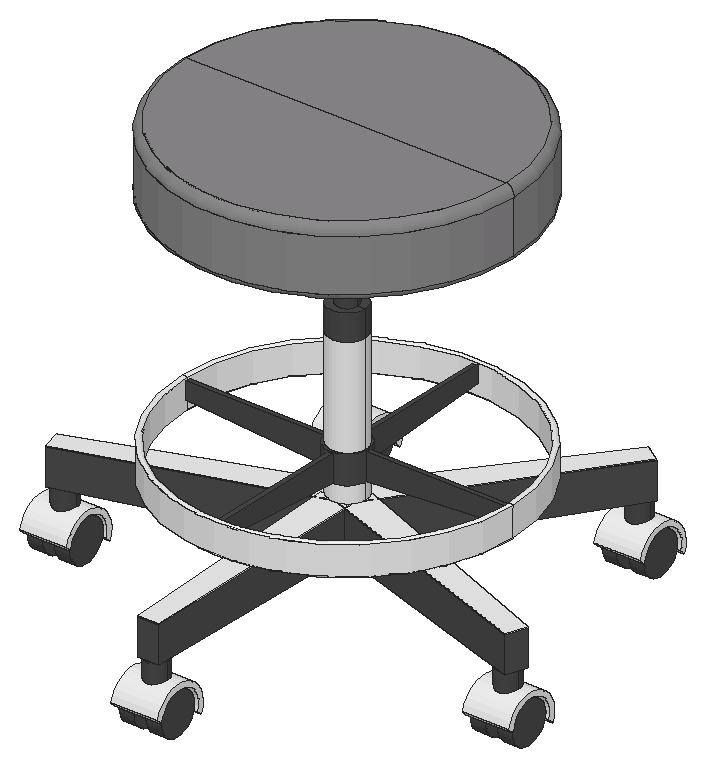
Revit family
Parameters (values of type "Classic Series Stool")
  Upholstery = Upholstery - Midmark - 232 - Shadow
  URL = "http://www.midmark.com"
  Product Page URL = "http://www.midmark.com/en-us/AnimalHealthProducts/Seating/Pages/Midmark274AdjustablePhysicianStool.aspx"
  Product Documentation Link = "http://www.midmark.com/marketing-collateral/007-0558-00.pdf"
  Model = "274"
  Manufacturer = "Midmark"
  Lift Height = Calculated Height - 0' 2"  # 1' - 4"
  Height = 1' - 6"
  Foot Ring Accessory = yes
  Description = "Classic Series Stool"
  Calculated Height = if(Height < 1' 6", 1' 6", if(Height > 2' 0 1/2", 2' 0 1/2", Height))  # 1' - 6"
  Assembly Code = "E2020"
Reference planes (in)
  plane 1 "Center Front/Back": y = 0
  plane 2: z = 0
  plane 3 "Center Left/Right": x = 0
  plane 4: z = 18
  plane 5: z = 5.25
  plane 6: z = 2
  plane 7: x = -12.11968
  plane 8: x = 11.86968
  plane 9: y = 10.87905
  plane 10: y = -12.83061
  plane 11: x = -12.86968
  plane 12: x = 12.61968
  plane 13: y = -13.58061
  plane 14: y = 11.62905
  plane 15: z = 21.5
  plane 16: z = 6
Forms (in)
  Extrusion 1, solid, material "Chair - Midmark Coarse View", detail levels coarse
    sketch origin (0, 0, 0) x (1, 0, 0) y (0, 1, 0)
      loop
        line (-12.86968, 11.62905) -> (-12.86968, -13.58061) -> (12.61968, -13.58061) -> (12.61968, 11.62905) -> (-12.86968, 11.62905)
    from 0 to 21.5
Lines and regions (in)
  Masking region 1, detail levels coarse
    outline origin (0, 0, 0) x (1, 0, 0) y (0, 1, 0)
      loop
        line (-12.86968, 11.62905) -> (-12.86968, -13.58061) -> (12.61968, -13.58061) -> (12.61968, 11.62905) -> (-12.86968, 11.62905)
  Masking region 2, detail levels coarse
    outline origin (0, 0, 0) x (1, 0, 0) y (0, 0, 1)
      loop
        line (-12.86968, 21.5) -> (-12.86968, 0) -> (12.61968, 0) -> (12.61968, 21.5) -> (-12.86968, 21.5)
  Masking region 3, detail levels coarse
    outline origin (0, 0, 0) x (0, 1, 0) y (0, 0, 1)
      loop
        line (11.62905, 21.5) -> (-13.58061, 21.5) -> (-13.58061, 0) -> (11.62905, 0) -> (11.62905, 21.5)
Dimensions and locks (in)
  "Calculated Height": plane 4 to plane 2
  locked: plane 5 to plane 2 at 5.25
  locked: plane 6 to plane 2 at 2
  plane 14 to plane 9 to plane 1 "Center Front/Back" to plane 10 to plane 13 = 0' - 0 3/4" locked, 0' - 10.87905" locked, 1' - 0.83061" locked, 0' - 0 3/4" locked
  plane 11 to plane 7 = 0' - 0 3/4"
  locked: plane 15 to plane 4 at 3.5
  plane 3 "Center Left/Right" to plane 8 to Extrusion 1 = 0' - 11.86968" locked, 0' - 0 3/4" locked
  Extrusion 1 to plane 7 to plane 3 "Center Left/Right" = 0' - 0 3/4" locked, 1' - 0.11968" locked
  locked: plane 16 to plane 2 at 6
  plane 11 to plane 3 "Center Left/Right" to plane 12 = 1' - 0.86968" locked, 1' - 0.61968" locked
  aligned and locked: level to plane 2
  aligned and locked: plane 3 "Center Left/Right" to nested 2
  aligned and locked: plane 3 "Center Left/Right" to nested 1
  aligned and locked: plane 2 to nested 2
  aligned: plane 4 to nested 1
  aligned and locked: plane 1 "Center Front/Back" to nested 2
  aligned and locked: plane 1 "Center Front/Back" to nested 1
  aligned: plane 5 to nested 1
  aligned: nested 1 to plane 6
  aligned and locked: nested 3 to plane 4
  aligned and locked: plane 3 "Center Left/Right" to nested 3
  aligned and locked: plane 1 "Center Front/Back" to nested 3
  aligned and locked: nested 1 to plane 6
  aligned: plane 4 to nested 4
  aligned and locked: plane 3 "Center Left/Right" to nested 4
  aligned and locked: Extrusion 1 to plane 15
  aligned and locked: plane 13 to Extrusion 1 sketch curve
  aligned and locked: Extrusion 1 sketch curve to plane 11
  aligned and locked: plane 14 to Extrusion 1 sketch curve
  aligned and locked: plane 12 to Extrusion 1
  aligned and locked: plane 15 to Extrusion 1
  aligned and locked: Extrusion 1 to plane 2
  aligned and locked: plane 13 to Masking region 1 sketch curve
  aligned and locked: Masking region 1 sketch curve to plane 11
  aligned and locked: plane 14 to Masking region 1 sketch curve
  aligned and locked: Masking region 1 sketch curve to plane 12
  aligned and locked: Masking region 2 sketch curve to plane 11
  aligned and locked: Masking region 2 sketch curve to plane 12
  aligned and locked: Masking region 2 sketch curve to plane 15
  aligned and locked: plane 2 to Masking region 2 sketch curve
  aligned and locked: plane 2 to Masking region 3 sketch curve
  aligned and locked: plane 14 to Masking region 3 sketch curve
  aligned and locked: plane 13 to Masking region 3 sketch curve
  aligned and locked: Masking region 3 sketch curve to plane 15
  aligned and locked: plane 4 to nested 4
  aligned and locked: plane 16 to nested 5
  aligned and locked: nested 5 to plane 16
  aligned and locked: plane 1 "Center Front/Back" to nested 5
  aligned and locked: plane 3 "Center Left/Right" to nested 5
  aligned and locked: plane 1 "Center Front/Back" to nested 4
Automatic sketch dimensions
  Extrusion 1 sketch curve to plane 8 = 0' - 0 3/4"
Nested families (in)
  nested 1: "Hydralic Lift Chrome" at (0, 0, 2), type "Hydralic Lift Chrome"
  nested 2: "Feet Black Aluminum" at (0, 0, 0), type "Feet Black Aluminum"
  nested 3: "Round Cushion" at (0, 0, 18), type "Round Cushion"
  nested 4: "Air Lift No Lever" at (0, 0, 16.5), type "Air Lift No Lever"
  nested 5: "Foot Ring" at (0, 0, 5.94888), type "Foot Ring"
Definition of nested family "Hydralic Lift Chrome"
  Parameters (values of type "Hydralic Lift Chrome")
    Top Lift Material = Chair - Midmark - Chrome
    Height = 1' - 4"
    Bottom Lift Material = Chair - Midmark - Chrome
    Assembly Code = ""
  Reference planes (in)
    plane 1 "Center Front/Back": y = 0
    plane 2: z = 0
    plane 3 "Center Left/Right": x = 0
    plane 4: x = -0.87626
    plane 5: x = 0.87374
    plane 6: z = 16
    plane 7: y = 0.87671
    plane 8: y = -0.87329
    plane 9: z = 0
    plane 10 "Caster Instalation Point": z = 3.25
    plane 11: z = 11.39696
  Forms (in)
    Revolve 1, solid, material "Chair - Midmark - Chrome" <- "Bottom Lift Material"
      sketch origin (-0.00126, 0.00171, -2) x (1, 0, 0) y (0, 0, 1)
        loop
          line (0, 2) -> (0, 12.14696) -> (-0.875, 12.14696) -> (-0.875, 2) -> (0, 2)
        axis (0, 2) -> (0, 12.14696)
      angle from 0 to 360
    Revolve 2, solid, material "Chair - Midmark - Chrome" <- "Top Lift Material"
      sketch origin (-0.00126, 0.00171, -2) x (1, 0, 0) y (0, 0, 1)
        loop
          line (-0.875, 12.14696) -> (0, 12.14696) -> (0, 18) -> (-0.5, 18) -> (-0.5, 13.39696) -> (-0.875, 13.39696) -> (-0.875, 12.14696)
        axis (0, 18) -> (0, 12.14696)
      angle from 0 to 360
  Lines and regions (in)
    Masking region 1, detail levels medium+fine
      outline origin (0, 0, 0) x (1, 0, 0) y (0, 0, 1)
        loop
          line (-0.87626, 0) -> (0.87374, 0) -> (0.87374, 11.39696) -> (0.49874, 11.39696) -> (0.49874, 16) -> (-0.50126, 16) -> (-0.50126, 11.39696) -> (-0.87626, 11.39696) -> (-0.87626, 0)
    Masking region 2, detail levels coarse
      outline origin (0, 0, 0) x (1, 0, 0) y (0, 0, 1)
        loop
          line (0.87374, 16) -> (-0.87626, 16) -> (-0.87626, 0) -> (0.87374, 0) -> (0.87374, 16)
    Masking region 3, detail levels coarse
      outline origin (0, 0, 0) x (0, 1, 0) y (0, 0, 1)
        loop
          line (0.87671, 0) -> (0.87671, 16) -> (-0.87329, 16) -> (-0.87329, 0) -> (0.87671, 0)
    Masking region 4, detail levels medium+fine
      outline origin (0, 0, 0) x (0, 1, 0) y (0, 0, 1)
        loop
          line (0.87671, 0) -> (0.87671, 11.39696) -> (0.50171, 11.39696) -> (0.50171, 16) -> (-0.49829, 16) -> (-0.49829, 11.39696) -> (-0.87329, 11.39696) -> (-0.87329, 0) -> (0.87671, 0)
    Masking region 5, detail levels coarse
      outline origin (0, 0, 0) x (1, 0, 0) y (0, 1, 0)
        loop
          line (0.87374, 0.87671) -> (-0.87626, 0.87671) -> (-0.87626, -0.87329) -> (0.87374, -0.87329) -> (0.87374, 0.87671)
    Masking region 6, detail levels medium+fine
      outline origin (0, 0, 0) x (1, 0, 0) y (0, 1, 0)
        loop
          circle (0, 0) r 0.87625
    symbolic lines, detail levels fine
      curve 1: line (0, 0.87671, 10.14696) -> (0, -0.87329, 10.14696)
      curve 2: line (-0.87626, 0, 10.14696) -> (0.87374, 0, 10.14696)
      curve 3: line (-0.50126, 0, 11.39696) -> (0.49874, 0, 11.39696)
      curve 4: line (0, 0.50171, 11.39696) -> (0, -0.49829, 11.39696)
      curve 5: circle (0, 0, 0) r 0.5 normal (0, 0, 1)
  Dimensions and locks (in)
    "Height": plane 6 to plane 9
    locked: plane 10 "Caster Instalation Point" to plane 9 at 3.25
    locked: plane 11 to plane 10 "Caster Instalation Point" at 8.14696
    aligned and locked: level to plane 2
    aligned and locked: plane 9 to level
    aligned and locked: Revolve 2 to plane 11  (x2)
  Automatic sketch dimensions
    plane 1 "Center Front/Back" to curve 5 = 0' - 0"
    curve 5 to plane 3 "Center Left/Right" = 0' - 0"
    plane 4 to curve 2 = 0' - 0"
    plane 5 to curve 2 = 0' - 0"
    curve 3 to plane 4 = 0' - 0 3/8"
    plane 5 to curve 3 = 0' - 0 3/8"
    plane 10 "Caster Instalation Point" to curve 2 = 0' - 6.89696"
    curve 2 to curve 3 = 0' - 1 1/4"
    curve 1 to plane 8 = 0' - 0"
    curve 1 to plane 7 = 0' - 0"
    plane 8 to curve 4 = 0' - 0 3/8"
    curve 4 to plane 7 = 0' - 0 3/8"
    plane 10 "Caster Instalation Point" to curve 1 = 0' - 6.89696"
    curve 1 to curve 4 = 0' - 1 1/4"
    Revolve 1 sketch curve to level = 0' - 0"  (x2)
    plane 4 to Revolve 1 sketch curve = 0' - 0"
    Revolve 1 sketch curve to plane 3 "Center Left/Right" = 0' - 0.00126"
    Revolve 1 sketch curve to Revolve 1 sketch curve = 0' - 0"
    plane 10 "Caster Instalation Point" to Revolve 1 sketch curve = 0' - 6 3/4"
    Revolve 1 sketch curve to Revolve 1 sketch curve = 0' - 0.14696"
    plane 4 to Revolve 2 sketch curve = 0' - 0"
    Revolve 2 sketch curve to plane 6 = 0' - 0"  (x2)
    Revolve 2 sketch curve to plane 4 = 0' - 0 3/8"
    Revolve 2 sketch curve to plane 3 "Center Left/Right" = 0' - 0.00126"
    Revolve 2 sketch curve to Revolve 2 sketch curve = 0' - 0"
    plane 10 "Caster Instalation Point" to Revolve 2 sketch curve = 0' - 8.14696"
    Revolve 2 sketch curve to Revolve 2 sketch curve = 0' - 1 1/4"
    Revolve 2 sketch curve to Revolve 2 sketch curve = 0' - 0.89696"
    Masking region 1 sketch curve to level = 0' - 0"
    plane 4 to Masking region 1 sketch curve = 0' - 0"
    Masking region 1 sketch curve to plane 6 = 0' - 0"
    plane 5 to Masking region 1 sketch curve = 0' - 0"
    Masking region 1 sketch curve to plane 4 = 0' - 0 3/8"
    plane 5 to Masking region 1 sketch curve = 0' - 0 3/8"
    plane 10 "Caster Instalation Point" to Masking region 1 sketch curve = 0' - 8.14696"
    Masking region 1 sketch curve to Masking region 1 sketch curve = 0' - 0"
    plane 4 to Masking region 2 sketch curve = 0' - 0"
    Masking region 2 sketch curve to level = 0' - 0"
    plane 5 to Masking region 2 sketch curve = 0' - 0"
    Masking region 2 sketch curve to plane 6 = 0' - 0"
    Masking region 3 sketch curve to plane 6 = 0' - 0"
    Masking region 3 sketch curve to plane 8 = 0' - 0"
    Masking region 3 sketch curve to plane 7 = 0' - 0"
    Masking region 3 sketch curve to level = 0' - 0"
    Masking region 4 sketch curve to level = 0' - 0"
    Masking region 4 sketch curve to plane 8 = 0' - 0"
    Masking region 4 sketch curve to plane 6 = 0' - 0"
    Masking region 4 sketch curve to plane 7 = 0' - 0"
    plane 8 to Masking region 4 sketch curve = 0' - 0 3/8"
    Masking region 4 sketch curve to plane 7 = 0' - 0 3/8"
    plane 10 "Caster Instalation Point" to Masking region 4 sketch curve = 0' - 8.14696"
    Masking region 4 sketch curve to Masking region 4 sketch curve = 0' - 0"
    Masking region 5 sketch curve to plane 4 = 0' - 0"
    Masking region 5 sketch curve to plane 5 = 0' - 0"
    Masking region 5 sketch curve to plane 8 = 0' - 0"
    Masking region 5 sketch curve to plane 7 = 0' - 0"
    plane 1 "Center Front/Back" to Masking region 6 sketch curve = 0' - 0"
    Masking region 6 sketch curve to plane 3 "Center Left/Right" = 0' - 0"
    radius of curve 5 = 0' - 0 1/2"
    radius of Masking region 6 sketch curve = 0' - 0.87625"
Definition of nested family "Feet Black Aluminum"
  Parameters (values of type "Feet Black Aluminum")
    Feet Material = Chair - Midmark - Black Aluminum
    Assembly Code = ""
  Reference planes (in)
    plane 1 "Center Front/Back": y = 0
    plane 2: z = 0
    plane 3 "Center Left/Right": x = 0
    plane 4: z = 3.14669
    plane 5: x = -12.11968
    plane 6: x = 11.86968
    plane 7: z = 5.14669
    plane 8: y = 10.87905
    plane 9: y = -12.83061
    plane 10: z = 0
    plane 11 "Left": x = -12.6741
    plane 12 "Front": y = -13.53243
    plane 13 "Back": y = 11.53243
    plane 14 "Right": x = 12.4241
  Forms (in)
    Blend 1, solid, material "Chair - Midmark - Black Aluminum" <- "Feet Material"
      base sketch origin (-0.02, 0.01151, 2.71936) x (0.999996, 0.002747, 0) y (0, 0, 1)
        loop
          line (0.71241, 2.42733) -> (-0.78759, 2.42733) -> (-0.78759, 0.42733) -> (0.71241, 0.42733) -> (0.71241, 2.42733)
      top sketch origin (-0.02, 0.01151, 2.71936) x (0.999996, 0.002747, 0) y (0, 0, 1)
        loop
          line (-0.50634, 0.42733) -> (0.49366, 0.42733) -> (0.49366, 2.17733) -> (-0.50634, 2.17733) -> (-0.50634, 0.42733)
      from 0 to 12
    Blend 2, solid, material "Chair - Midmark - Black Aluminum" <- "Feet Material"
      base sketch origin (0.00505, 0.01375, 2.71936) x (0.331216, 0.943555, 0) y (0, 0, 1)
        loop
          line (0.71241, 2.42733) -> (-0.78759, 2.42733) -> (-0.78759, 0.42733) -> (0.71241, 0.42733) -> (0.71241, 2.42733)
      top sketch origin (0.00505, 0.01375, 2.71936) x (0.331216, 0.943555, 0) y (0, 0, 1)
        loop
          line (-0.50634, 0.42733) -> (0.49366, 0.42733) -> (0.49366, 2.17733) -> (-0.50634, 2.17733) -> (-0.50634, 0.42733)
      from 0 to 12
    Blend 3, solid, material "Chair - Midmark - Black Aluminum" <- "Feet Material"
      base sketch origin (-0.00087, -0.04805, 2.71936) x (0.286648, -0.958036, 0) y (0, 0, 1)
        loop
          line (0.71241, 2.42733) -> (-0.78759, 2.42733) -> (-0.78759, 0.42733) -> (0.71241, 0.42733) -> (0.71241, 2.42733)
      top sketch origin (-0.00087, -0.04805, 2.71936) x (0.286648, -0.958036, 0) y (0, 0, 1)
        loop
          line (-0.50634, 0.42733) -> (0.49366, 0.42733) -> (0.49366, 2.17733) -> (-0.50634, 2.17733) -> (-0.50634, 0.42733)
      from 0 to 12
    Blend 4, solid, material "Chair - Midmark - Black Aluminum" <- "Feet Material"
      base sketch origin (0.03408, -0.0149, 2.71936) x (0.822567, -0.568668, 0) y (0, 0, -1)
        loop
          line (0.71241, -2.42733) -> (0.71241, -0.42733) -> (-0.78759, -0.42733) -> (-0.78759, -2.42733) -> (0.71241, -2.42733)
      top sketch origin (0.03408, -0.0149, 2.71936) x (0.822567, -0.568668, 0) y (0, 0, -1)
        loop
          line (-0.50634, -0.42733) -> (-0.50634, -2.17733) -> (0.49366, -2.17733) -> (0.49366, -0.42733) -> (-0.50634, -0.42733)
      from 0 to 12
    Blend 5, solid, material "Chair - Midmark - Black Aluminum" <- "Feet Material"
      base sketch origin (0.02615, 0.03051, 2.71936) x (0.795022, 0.60658, 0) y (0, 0, -1)
        loop
          line (0.71241, -2.42733) -> (0.71241, -0.42733) -> (-0.78759, -0.42733) -> (-0.78759, -2.42733) -> (0.71241, -2.42733)
      top sketch origin (0.02615, 0.03051, 2.71936) x (0.795022, 0.60658, 0) y (0, 0, -1)
        loop
          line (-0.50634, -0.42733) -> (-0.50634, -2.17733) -> (0.49366, -2.17733) -> (0.49366, -0.42733) -> (-0.50634, -0.42733)
      from 0 to 12
    Blend 6, solid, material "Chair - Midmark - Chrome"
      base sketch origin (0.00983, -12, 0) x (-1, 0, 0) y (0, 0, 1)
        loop
          line (-0.49337, 4.89669) -> (0.50662, 4.89669) -> (0.50662, 4.93106) -> (-0.49337, 4.93106) -> (-0.49337, 4.89669)
      top sketch origin (0.00983, -12, 0) x (-1, 0, 0) y (0, 0, 1)
        loop
          line (-0.68649, 5.14669) -> (0.8135, 5.14669) -> (0.8135, 5.17856) -> (-0.68649, 5.17856) -> (-0.68649, 5.14669)
      from 0 to 11.38652
    Blend 7, solid, material "Chair - Midmark - Chrome"
      base sketch origin (-11.48467, -3.49301, 0) x (-0.284015, 0.95882, 0) y (0, 0, 1)
        loop
          line (-0.49337, 4.89669) -> (0.50662, 4.89669) -> (0.50662, 4.93106) -> (-0.49337, 4.93106) -> (-0.49337, 4.89669)
      top sketch origin (-11.48467, -3.49301, 0) x (-0.284015, 0.95882, 0) y (0, 0, 1)
        loop
          line (-0.68649, 5.14669) -> (0.8135, 5.14669) -> (0.8135, 5.17856) -> (-0.68649, 5.17856) -> (-0.68649, 5.14669)
      from 0 to 11.49746
    Blend 8, solid, material "Chair - Midmark - Chrome"
      base sketch origin (11.32628, -3.97406, 0) x (0.325568, 0.945519, 0) y (0, 0, -1)
        loop
          line (-0.49337, -4.89669) -> (-0.49337, -4.93106) -> (0.50662, -4.93106) -> (0.50662, -4.89669) -> (-0.49337, -4.89669)
      top sketch origin (11.32628, -3.97406, 0) x (0.325568, 0.945519, 0) y (0, 0, -1)
        loop
          line (-0.68649, -5.14669) -> (-0.68649, -5.17856) -> (0.8135, -5.17856) -> (0.8135, -5.14669) -> (-0.68649, -5.14669)
      from 0 to 11.3919
    Blend 9, solid, material "Chair - Midmark - Chrome"
      base sketch origin (6.79331, 9.86129, 0) x (0.82314, -0.567839, 0) y (0, 0, 1)
        loop
          line (-0.49337, 4.89669) -> (0.50662, 4.89669) -> (0.50662, 4.93106) -> (-0.49337, 4.93106) -> (-0.49337, 4.89669)
      top sketch origin (6.79331, 9.86129, 0) x (0.82314, -0.567839, 0) y (0, 0, 1)
        loop
          line (-0.68649, 5.14669) -> (0.8135, 5.14669) -> (0.8135, 5.17856) -> (-0.68649, 5.17856) -> (-0.68649, 5.14669)
      from 0 to 11.57161
    Blend 10, solid, material "Chair - Midmark - Chrome"
      base sketch origin (-7.26129, 9.5605, 0) x (0.798726, 0.601694, 0) y (0, 0, 1)
        loop
          line (-0.49337, 4.89669) -> (0.50662, 4.89669) -> (0.50662, 4.93106) -> (-0.49337, 4.93106) -> (-0.49337, 4.89669)
      top sketch origin (-7.26129, 9.5605, 0) x (0.798726, 0.601694, 0) y (0, 0, 1)
        loop
          line (-0.68649, 5.14669) -> (0.8135, 5.14669) -> (0.8135, 5.17856) -> (-0.68649, 5.17856) -> (-0.68649, 5.14669)
      from 0 to 11.57804
  Lines and regions (in)
    Masking region 1, detail levels coarse
      outline origin (0, -13.53243, 0) x (-1, 0, 0) y (0, 0, 1)
        loop
          line (12.11968, 5.20165) -> (-11.86968, 5.20165) -> (-11.86968, 0) -> (12.11968, 0) -> (12.11968, 5.20165)
    Masking region 2, detail levels coarse
      outline origin (-12.6741, 0, 0) x (0, 1, 0) y (0, 0, 1)
        loop
          line (10.87905, 5.18859) -> (-12.83061, 5.18859) -> (-12.83061, 0) -> (10.87905, 0) -> (10.87905, 5.18859)
    Masking region 3, detail levels coarse
      outline origin (0, 0, 0) x (1, 0, 0) y (0, 1, 0)
        loop
          line (-12.11968, 10.87905) -> (-12.11968, -12.83061) -> (11.86968, -12.83061) -> (11.86968, 10.87905) -> (-12.11968, 10.87905)
    Masking region 4, detail levels medium+fine
      outline origin (0, 0, 0) x (1, 0, 0) y (0, 0, 1)
        loop
          line (-11.29362, 0) -> (-11.29362, 0.4641) -> (-10.70638, 0.4641) -> (-10.70638, 0) -> (-9.98951, 0) -> (-9.98951, 0.4641) -> (-9.88032, 0.4641) -> (-9.88032, 2.35385) -> (-10.44, 2.35385) -> (-10.44, 3.14669) -> (-7.55329, 3.14669) -> (-7.55329, 2.35385) -> (-8.11968, 2.35385) -> (-8.11968, 0.4641) -> (-8.01049, 0.4641) -> (-8.01049, 0) -> (-7.29362, 0) -> (-7.29362, 0.4641) -> (-6.70638, 0.4641) -> (-6.70638, 0) -> (-5.98951, 0) -> (-5.98951, 0.4641) -> (-5.88032, 0.4641) -> (-5.88032, 2.35385) -> (-6.44, 2.35385) -> (-6.44, 3.14669) -> (-0.55329, 3.14669) -> (-0.55329, 2.35385) -> (-1.11968, 2.35385) -> (-1.11968, 0.4641) -> (-1.01049, 0.4641) -> (-1.01049, 0) -> (-0.29362, 0) -> (-0.29362, 0.4641) -> (0.29362, 0.4641) -> (0.29362, 0) -> (1.01049, 0) -> (1.01049, 0.4641) -> (1.11968, 0.4641) -> (1.11968, 2.35385) -> (0.56, 2.35385) -> (0.56, 3.14669) -> (5.93762, 3.14669) -> (5.93762, 2.35385) -> (5.38032, 2.35385) -> (5.38032, 0.4641) -> (5.48951, 0.4641) -> (5.48951, 0) -> (6.20638, 0) -> (6.20638, 0.4641) -> (6.79362, 0.4641) -> (6.79362, 0) -> (7.51049, 0) -> (7.51049, 0.4641) -> (7.61968, 0.4641) -> (7.61968, 2.35385) -> (7.06, 2.35385) -> (7.06, 3.14669) -> (10.19671, 3.14669) -> (10.19671, 2.35385) -> (9.63032, 2.35385) -> (9.63032, 0.4641) -> (9.73951, 0.4641) -> (9.73951, 0) -> (10.45638, 0) -> (10.45638, 0.4641) -> (11.04362, 0.4641) -> (11.04362, 0) -> (11.76049, 0) -> (11.76049, 0.4641) -> (11.86968, 0.4641) -> (11.86968, 2.35385) -> (11.31, 2.35385) -> (11.31, 3.14669) -> (11.49121, 3.14669) -> (11.49121, 4.89669) -> (0.68577, 5.13681) -> (-0.76806, 5.13681) -> (-11.64244, 4.89669) -> (-11.64244, 3.14669) -> (-11.55329, 3.14669) -> (-11.55329, 2.35385) -> (-12.11968, 2.35385) -> (-12.11968, 0.4641) -> (-12.01049, 0.4641) -> (-12.01049, 0) -> (-11.29362, 0)
    Masking region 5, detail levels medium+fine
      outline origin (0, 0, 0) x (0, 1, 0) y (0, 0, 1)
        loop
          arc (10.78122, 0.4641) -> (10.77146, 1.50846) -> (10.03266, 2.24667) r 1.37951
          line (10.03266, 2.24667) -> (10.03266, 3.14669) -> (10.14385, 3.14669) -> (10.14839, 4.87753) -> (-0.00333, 5.13888) -> (-12.08812, 4.88709) -> (-12.08812, 2.21814)
          arc (-12.08812, 2.21814) -> (-12.56152, 1.84498) -> (-12.83061, 1.30559) r 1.37951
          line (-12.83061, 1.30559) -> (-12.4904, 0.96538)
          arc (-12.4904, 0.96538) -> (-11.58868, 0.00478) -> (-10.5174, 0.77172) r 1
          line (-10.5174, 0.77172) -> (-10.20978, 0.4641)
          arc (-10.20978, 0.4641) -> (-10.22081, 1.51145) -> (-10.96434, 2.24917) r 1.37951
          line (-10.96434, 2.24917) -> (-10.96434, 3.14669) -> (-4.33492, 3.14669) -> (-4.33492, 2.22392)
          arc (-4.33492, 2.22392) -> (-4.81625, 1.85021) -> (-5.08961, 1.30559) r 1.37951
          line (-5.08961, 1.30559) -> (-4.74804, 0.96402)
          arc (-4.74804, 0.96402) -> (-4.35165, 0.20158) -> (-3.50881, 0.03407) r 0.99276
          arc (-3.50881, 0.03407) -> (-2.73642, 0.14196) -> (-2.2764, 0.77172) r 1
          line (-2.2764, 0.77172) -> (-1.96878, 0.4641)
          arc (-1.96878, 0.4641) -> (-1.97757, 1.50613) -> (-2.71269, 2.24471) r 1.37951
          line (-2.71269, 2.24471) -> (-2.71269, 3.14669) -> (8.6558, 3.14669) -> (8.6558, 2.21954)
          arc (8.6558, 2.21954) -> (8.1805, 1.84624) -> (7.91039, 1.30559) r 1.37951
          line (7.91039, 1.30559) -> (8.25, 1)
          arc (8.25, 1) -> (8.63833, 0.20254) -> (9.50189, 0) r 1.03326
          arc (9.50189, 0) -> (10.04186, 0.15959) -> (10.40777, 0.58755) r 0.99117
          line (10.40777, 0.58755) -> (10.53122, 0.4641)
          arc (10.53122, 0.4641) -> (10.55798, 0.56372) -> (10.58105, 0.66427) r 2.79724
          line (10.58105, 0.66427) -> (10.78122, 0.4641)
    Masking region 6, detail levels medium+fine
      outline origin (0, 0, 0) x (1, 0, 0) y (0, 1, 0)
        loop
          line (1.11968, -12.83061) -> (1.11968, -10.11952) -> (0.56, -10.11952) -> (0.67622, -1.03222) -> (9.63032, -3.94159) -> (9.63032, -5.08961) -> (11.86968, -5.08961) -> (11.88032, -2.38179) -> (9.63032, -2.38179) -> (9.64126, -2.80754) -> (1.13452, 0.35388) -> (6.32371, 8.16039) -> (7.61968, 8.16039) -> (7.61968, 10.86821) -> (5.38032, 10.86821) -> (5.38887, 8.73511) -> (-0.01517, 1.22973) -> (-5.86968, 8.61974) -> (-5.86968, 10.62905) -> (-8.11968, 10.62905) -> (-8.11968, 7.91039) -> (-6.67216, 7.91039) -> (-1.20683, 0.388) -> (-9.88032, -2.43019) -> (-9.88032, -1.87095) -> (-12.11968, -1.87095) -> (-12.11968, -4.58961) -> (-9.88032, -4.58961) -> (-9.88032, -3.54845) -> (-0.78101, -1.00564) -> (-0.54255, -10.11195) -> (-1.11968, -10.11195) -> (-1.11968, -12.83061) -> (1.11968, -12.83061)
    symbolic lines, detail levels fine
      curve 1: line (11.16, 0, 3.14669) -> (11.16, 0, 4.89669)
      curve 2: line (-11.35579, 0, 3.14669) -> (-11.35579, 0, 4.89669)
      curve 3: line (-12.11968, 0, 1.09001) -> (-9.88032, 0, 1.09001)
      curve 4: line (-12.11968, 0, 1.30559) -> (-9.88032, 0, 1.30559)
      curve 5: line (-10.70638, 0, 1.09001) -> (-10.70206, 0, 0.45757)
      curve 6: line (-11.29362, 0, 1.09001) -> (-11.29362, 0, 0.4641)
      curve 7: line (-12.11968, 0, 0.66069) -> (-12.01049, 0, 0.66069)
      curve 8: line (-11.29362, 0, 0.66069) -> (-10.70345, 0, 0.66069)
      curve 9: line (-9.98951, 0, 0.66069) -> (-9.88032, 0, 0.66069)
      curve 10: line (-8.11968, 0, 1.09001) -> (-5.88032, 0, 1.09001)
      curve 11: line (-8.11968, 0, 1.30559) -> (-5.88032, 0, 1.30559)
      curve 12: line (-6.70638, 0, 1.09001) -> (-6.70206, 0, 0.45757)
      curve 13: line (-7.29362, 0, 1.09001) -> (-7.29362, 0, 0.4641)
      curve 14: line (-8.11968, 0, 0.66069) -> (-8.01049, 0, 0.66069)
      curve 15: line (-7.29362, 0, 0.66069) -> (-6.70345, 0, 0.66069)
      curve 16: line (-5.98951, 0, 0.66069) -> (-5.88032, 0, 0.66069)
      curve 17: line (-1.11968, 0, 1.09001) -> (1.11968, 0, 1.09001)
      curve 18: line (-1.11968, 0, 1.30559) -> (1.11968, 0, 1.30559)
      curve 19: line (0.29362, 0, 1.09001) -> (0.29794, 0, 0.45757)
      curve 20: line (-0.29362, 0, 1.09001) -> (-0.29362, 0, 0.4641)
      curve 21: line (-1.11968, 0, 0.66069) -> (-1.01049, 0, 0.66069)
      curve 22: line (-0.29362, 0, 0.66069) -> (0.29655, 0, 0.66069)
      curve 23: line (1.01049, 0, 0.66069) -> (1.11968, 0, 0.66069)
      curve 24: line (5.38032, 0, 1.09001) -> (7.61968, 0, 1.09001)
      curve 25: line (5.38032, 0, 1.30559) -> (7.61968, 0, 1.30559)
      curve 26: line (6.79362, 0, 1.09001) -> (6.79794, 0, 0.45757)
      curve 27: line (6.20638, 0, 1.09001) -> (6.20638, 0, 0.4641)
      curve 28: line (5.38032, 0, 0.66069) -> (5.48951, 0, 0.66069)
      curve 29: line (6.20638, 0, 0.66069) -> (6.79655, 0, 0.66069)
      curve 30: line (7.51049, 0, 0.66069) -> (7.61968, 0, 0.66069)
      curve 31: line (9.63032, 0, 1.09001) -> (11.86968, 0, 1.09001)
      curve 32: line (9.63032, 0, 1.30559) -> (11.86968, 0, 1.30559)
      curve 33: line (11.04362, 0, 1.09001) -> (11.04794, 0, 0.45757)
      curve 34: line (10.45638, 0, 1.09001) -> (10.45638, 0, 0.4641)
      curve 35: line (9.63032, 0, 0.66069) -> (9.73951, 0, 0.66069)
      curve 36: line (10.45638, 0, 0.66069) -> (11.04655, 0, 0.66069)
      curve 37: line (11.76049, 0, 0.66069) -> (11.86968, 0, 0.66069)
      curve 55: line (-0.49337, -11.98984, 0) -> (0.50663, -11.98984, 0)
      curve 56: line (0.50663, -11.98984, 0) -> (0.53568, -10.11316, 0)
      curve 57: line (-0.54251, -10.11347, 0) -> (-0.49337, -11.98984, 0)
      curve 58: line (9.63032, -3.94159, 0) -> (11.16, -4.43861, 0)
      curve 59: line (11.16, -4.43861, 0) -> (11.49121, -3.49506, 0)
      curve 60: line (11.49121, -3.49506, 0) -> (9.61649, -2.79834, 0)
      curve 61: line (5.38032, 8.68314, 0) -> (6.44159, 10.14385, 0)
      curve 62: line (6.44159, 10.14385, 0) -> (7.27439, 9.59027, 0)
      curve 63: line (7.27439, 9.59027, 0) -> (6.32915, 8.16857, 0)
      curve 64: line (-6.67216, 7.91039, 0) -> (-7.65536, 9.26364, 0)
      curve 65: line (-7.65536, 9.26364, 0) -> (-6.87152, 9.88461, 0)
      curve 66: line (-6.87152, 9.88461, 0) -> (-5.89303, 8.64949, 0)
      curve 67: line (-9.88032, -3.54845, 0) -> (-11.31738, -3.97842, 0)
      curve 68: line (-11.31738, -3.97842, 0) -> (-11.62639, -3.02737, 0)
      curve 69: line (-11.62639, -3.02737, 0) -> (-9.88032, -2.46003, 0)
      curve 70: line (0, 9.78318, 2.24646) -> (0, 9.78318, 3.14669)
      curve 71: line (0, 9.78318, 3.14669) -> (0, 9.87022, 3.14669)
      curve 72: line (0, 9.87022, 3.14669) -> (0, 9.87022, 4.89669)
      curve 73: line (0, 9.26364, 3.14669) -> (0, 9.26364, 4.89669)
      curve 74: line (0, -3.00274, 3.14669) -> (0, -3.00274, 4.89669)
      curve 75: line (0, -3.00274, 4.89669) -> (0, 0.48934, 5.13206)
      curve 76: line (0, -3.00274, 4.89669) -> (0, -3.96077, 4.89669)
      curve 77: line (0, -3.96077, 4.89669) -> (0, -0.73852, 5.14608)
      curve 78: line (0, -3.96077, 4.89669) -> (0, -3.96077, 3.14669)
      curve 79: line (0, -10.96434, 2.24917) -> (0, -10.96434, 3.14669)
      curve 80: line (0, -11.98709, 3.14669) -> (0, 10.03266, 3.14669)
      curve 81: arc (0, -11.491, 0) -> (0, -10.78389, 1.70711) -> (0, -12.491, 1) r 1
      curve 82: arc (0, -12.61503, 1.09001) -> (0, -11.27594, 2.0831) -> (0, -10.40637, 0.66069) r 1.12951
      curve 83: arc (0, -12.07696, 2.22344) -> (0, -10.54543, 1.97837) -> (0, -10.20978, 0.4641) r 1.37951
      curve 84: line (0, -4.33492, 3.14669) -> (0, -4.33492, 2.22392)
      curve 85: line (0, -3.83887, 3.14669) -> (0, -3.83887, 2.22207)
      curve 86: line (0, -2.71269, 3.14669) -> (0, -2.71269, 2.24471)
      curve 87: circle (0, -3.25, 1.00671) r 0.99975 normal (1, 0, 0)
      curve 88: line (0, -1.96878, 0.4641) -> (0, -2.16537, 0.66069)
      curve 89: line (0, -4.37403, 1.09001) -> (0, -4.58961, 1.30559)
      curve 90: line (0, -4.87403, 1.09001) -> (0, -5.08961, 1.30559)
      curve 91: arc (0, -5.08961, 1.30559) -> (0, -4.63517, 2.0328) -> (0, -3.83887, 2.35102) r 1.37951
      curve 92: arc (0, -4.87403, 1.09001) -> (0, -4.64461, 1.66541) -> (0, -4.1418, 2.02722) r 1.10602
      curve 93: arc (0, -4.58961, 1.30559) -> (0, -2.82873, 2.28781) -> (0, -1.96878, 0.4641) r 1.37951
      curve 94: arc (0, -4.37403, 1.09001) -> (0, -3.03494, 2.0831) -> (0, -2.16537, 0.66069) r 1.12951
      curve 95: arc (0, 7.91039, 1.30559) -> (0, 9.58079, 2.31349) -> (0, 10.58869, 0.64309) r 1.37951
      curve 96: arc (0, 10.03807, 2.24439) -> (0, 9.91135, 2.28574) -> (0, 9.78318, 2.32232) r 3.56322
      curve 97: arc (0, 8.25, 1) -> (0, 9.25, 2) -> (0, 10.25, 1) r 1
      curve 98: arc (0, 8.25, 1) -> (0, 9.25, 0) -> (0, 10.25, 1) r 1
      curve 99: line (0, 8.6558, 2.21954) -> (0, 8.6558, 3.14669)
      curve 100: arc (0, -4.37789, 1.76929) -> (0, -4.64034, 0.54492) -> (0, -3.49554, 0.03758) r 0.99276
      curve 101: arc (0, 10.33463, 0.66069) -> (0, 9.46506, 2.0831) -> (0, 8.12597, 1.09001) r 1.12951
      curve 102: line (0, 10.53122, 0.4641) -> (0, 10.33463, 0.66069)
      curve 103: line (0, 8.12597, 1.09001) -> (0, 7.91039, 1.30559)
      curve 104: line (0, -10.40637, 0.66069) -> (0, -10.20978, 0.4641)
      curve 105: line (-11.55329, 0, 3.14669) -> (-10.44, 0, 3.14669)
      curve 106: line (-7.55329, 0, 3.14669) -> (-6.44, 0, 3.14669)
      curve 107: line (-0.55329, 0, 3.14669) -> (0.56, 0, 3.14669)
      curve 108: line (5.93762, 0, 3.14669) -> (7.06, 0, 3.14669)
      curve 109: line (10.19671, 0, 3.14669) -> (11.31, 0, 3.14669)
    symbolic lines, style "Furniture", detail levels fine
      curve 38: line (-11.55329, 0, 2.35385) -> (-10.44, 0, 2.35385)
      curve 39: line (-7.55329, 0, 2.35385) -> (-6.44, 0, 2.35385)
      curve 40: line (-0.55329, 0, 2.35385) -> (0.56, 0, 2.35385)
      curve 41: line (5.93762, 0, 2.35385) -> (7.06, 0, 2.35385)
      curve 42: line (11.16, 0, 3.14669) -> (11.16, 0, 4.89669)
      curve 43: line (7.26416, 0, 3.14669) -> (7.26416, 0, 4.89669)
      curve 44: line (7.26416, 0, 4.89669) -> (0.62008, 0, 5.14669)
      curve 45: line (6.44159, 0, 3.14669) -> (6.44159, 0, 4.89669)
      curve 46: line (6.44159, 0, 4.89669) -> (-0.20312, 0, 5.13214)
      curve 47: line (-7.67041, 0, 3.14669) -> (-7.67041, 0, 4.89669)
      curve 48: line (-7.67041, 0, 4.89669) -> (-1.02633, 0, 5.14669)
      curve 49: line (-6.84784, 0, 3.14669) -> (-6.84784, 0, 4.89669)
      curve 50: line (-6.84784, 0, 4.89669) -> (-0.20312, 0, 5.13214)
      curve 51: line (-7.55329, 0, 2.35385) -> (-6.44, 0, 2.35385)
      curve 52: line (-0.55329, 0, 2.35385) -> (0.56, 0, 2.35385)
      curve 53: line (5.94671, 0, 2.35385) -> (7.06, 0, 2.35385)
      curve 54: line (10.19671, 0, 2.35385) -> (11.31, 0, 2.35385)
  Dimensions and locks (in)
    aligned and locked: level to plane 2
  Nested families (in)
    nested 1: "Casters Chrome" at (0, -11.491, 0), type "Casters Chrome"
    nested 2: "Casters Chrome" at (-11, -3.25, 0), type "Casters Chrome"
    nested 3: "Casters Chrome" at (-7, 9.25, 0), type "Casters Chrome"
    nested 4: "Casters Chrome" at (6.5, 9.5, 0), type "Casters Chrome"
    nested 5: "Casters Chrome" at (10.75, -3.75, 0), type "Casters Chrome"
  Definition of nested family "Casters Chrome"
    Parameters (values of type "Casters Chrome")
      Assembly Code = ""
    Reference planes (in)
      plane 1 "Center Front/Back": y = 0
      plane 2: z = 0
      plane 3 "Center Left/Right": x = 0
      plane 4: z = 3.14669
      plane 5: x = 1.11968
      plane 6: x = -1.11968
    Forms (in)
      Extrusion 1, solid, material "Chair - Midmark - Black Plastic"
        sketch origin (-0.01049, 0, -0.76917) x (0, -1, 0) y (0, 0, 1)
          loop
            circle (0, 1.76917) r 1
        from 0.28313 to 1
      Extrusion 2, solid, material "Chair - Midmark - Chrome"
        sketch origin (-0.01049, 0, -0.76917) x (0, -1, 0) y (0, 0, 1)
          loop
            arc (-1.08463, 1.42986) -> (-0.21506, 2.85227) -> (1.12403, 1.85918) r 1.12951
            line (1.12403, 1.85918) -> (1.33961, 2.07476)
            arc (1.33961, 2.07476) -> (-0.42127, 3.05698) -> (-1.28122, 1.23327) r 1.37951
            line (-1.28122, 1.23327) -> (-1.08463, 1.42986)
        from -1.13017 to 1.10918
      Extrusion 3, solid, material "Chair - Midmark - Black Plastic"
        sketch origin (0, 0.42399, -0.76917) x (1, 0, 0) y (0, 1, 0)
          loop
            circle (0, -0.45133) r 0.56
        from 2.89024 to 3.91587
      Extrusion 4, solid, material "Chair - Midmark - Black Plastic"
        sketch origin (0.01049, 0, -0.76917) x (0, -1, 0) y (0, 0, -1)
          loop
            circle (0, -1.76917) r 1
        from 0.28313 to 1
    Dimensions and locks (in)
      aligned and locked: level to plane 2
Definition of nested family "Round Cushion"
  Parameters (values of type "Round Cushion")
    Upholstery = none
    Assembly Code = ""
  Reference planes (in)
    plane 1 "Center Front/Back": y = 0
    plane 2: z = 0
    plane 3 "Center Left/Right": x = 0
    plane 4: x = -8.09717
    plane 5: z = 3.25
    plane 6: x = 8.09293
    plane 7: y = 8.05646
    plane 8: y = -8.11896
    plane 9: z = 0
  Forms (in)
    Revolve 1, solid, material <- "Upholstery"
      sketch origin (-0.00688, -0.01945, -23) x (1, 0, 0) y (0, 0, 1)
        loop
          arc (-8.071, 23.25) -> (-7.99777, 23.07322) -> (-7.821, 23) r 0.25
          line (-7.821, 23) -> (0, 23) -> (0, 26.25) -> (-7.72089, 26.25)
          arc (-7.72089, 26.25) -> (-7.97477, 26.05519) -> (-8.071, 25.75) r 0.53209
          line (-8.071, 25.75) -> (-8.071, 23.25)
        axis (0, 26.25) -> (0, 23)
      angle from 0 to 360
  Lines and regions (in)
    Masking region 1, detail levels medium+fine
      outline origin (0, 0, 0) x (1, 0, 0) y (0, 0, 1)
        loop
          arc (-8.09717, 0.2242) -> (-8.03151, 0.06567) -> (-7.87297, 0) r 0.2242
          line (-7.87297, 0) -> (0, 0) -> (7.86873, 0)
          arc (7.86873, 0) -> (8.02726, 0.06567) -> (8.09293, 0.2242) r 0.2242
          line (8.09293, 0.2242) -> (8.09293, 2.7242)
          arc (8.09293, 2.7242) -> (7.99158, 3.04528) -> (7.72427, 3.25) r 0.55928
          line (7.72427, 3.25) -> (-0.00688, 3.25) -> (-7.72852, 3.25)
          arc (-7.72852, 3.25) -> (-7.99583, 3.04528) -> (-8.09717, 2.7242) r 0.55928
          line (-8.09717, 2.7242) -> (-8.09717, 0.2242)
    Masking region 2, detail levels coarse
      outline origin (-0.03199, 0, 0) x (1, 0, 0) y (0, 0, 1)
        loop
          line (-8.06518, 0) -> (8.12492, 0) -> (8.12492, 3.25) -> (-8.06518, 3.25) -> (-8.06518, 0)
    Masking region 3, detail levels coarse
      outline origin (0, 0, 0) x (0, 1, 0) y (0, 0, 1)
        loop
          line (8.05646, 3.25) -> (-8.10527, 3.25) -> (-8.10527, 0) -> (8.05646, 0) -> (8.05646, 3.25)
    Masking region 4, detail levels medium+fine
      outline origin (0, 0, 0) x (0, 1, 0) y (0, 0, 1)
        loop
          line (7.70581, 3.25) -> (-7.73706, 3.25)
          arc (-7.73706, 3.25) -> (-7.99996, 3.11227) -> (-8.10527, 2.83479) r 0.41821
          line (-8.10527, 2.83479) -> (-8.10527, 0.22108)
          arc (-8.10527, 0.22108) -> (-8.03423, 0.05843) -> (-7.86663, 0) r 0.22173
          line (-7.86663, 0) -> (7.83538, 0)
          arc (7.83538, 0) -> (7.9917, 0.06475) -> (8.05646, 0.22108) r 0.22108
          line (8.05646, 0.22108) -> (8.05646, 2.83212)
          arc (8.05646, 2.83212) -> (7.93976, 3.09025) -> (7.70581, 3.25) r 0.52432
    Masking region 5, detail levels coarse
      outline origin (0, 0, 0) x (1, 0, 0) y (0, 1, 0)
        loop
          line (8, -8.09302) -> (8, 8) -> (-8, 8) -> (-8, -8.09302) -> (8, -8.09302)
    Masking region 6, detail levels medium+fine
      outline origin (0, 0, 0) x (1, 0, 0) y (0, 1, 0)
        loop
          circle (0, 0) r 8
    symbolic lines, detail levels fine
      curve 1: circle (0, 0, 0) r 7.72775 normal (0, 0, 1)
  Dimensions and locks (in)
    aligned and locked: level to plane 2
Definition of nested family "Air Lift No Lever"
  Parameters (values of type "Air Lift No Lever")
    Seat Connector Material = Chair - Midmark - Black Plastic
    Lever Tip Material = Chair - Midmark - Black Plastic
    Lever Material = Chair - Midmark - Chrome
    Assembly Code = ""
  Reference planes (in)
    plane 1 "Center Front/Back": y = 0
    plane 2: z = 0
    plane 3 "Center Left/Right": x = 0
    plane 4 "Back": y = 3
    plane 5 "Front": y = -3
    plane 6 "Front1": y = -3.75
    plane 7 "Back1": y = 3.75
    plane 8 "Left": x = -2.25
    plane 9 "Right": x = 2.25
    plane 10: y = -1.875
  Forms (in)
    Extrusion 1, solid, material "Chair - Midmark - Black Plastic" <- "Seat Connector Material"
      sketch origin (-2.1875, 0, 0) x (1, 0, 0) y (0, 0, 1)
        loop
          line (0.1875, 1.25) -> (0.36065, 1.25)
          arc (0.36065, 1.25) -> (0.49776, 0.56215) -> (0.91719, 0) r 1.59184
          line (0.91719, 0) -> (2.1875, 0) -> (3.45781, 0)
          arc (3.45781, 0) -> (3.87724, 0.56215) -> (4.01435, 1.25) r 1.59184
          line (4.01435, 1.25) -> (4.1875, 1.25) -> (4.1875, 1.5) -> (3.73306, 1.5)
          arc (3.73306, 1.5) -> (3.70908, 0.82675) -> (3.36093, 0.25) r 1.34184
          line (3.36093, 0.25) -> (2.1875, 0.25) -> (1.01407, 0.25)
          arc (1.01407, 0.25) -> (0.66592, 0.82675) -> (0.64194, 1.5) r 1.34184
          line (0.64194, 1.5) -> (0.1875, 1.5) -> (0.1875, 1.25)
      from -3 to 3
  Lines and regions (in)
    Masking region 1
      outline origin (2.1875, 0, 0) x (1, 0, 0) y (0, 1, 0)
        loop
          line (-0.1875, -3) -> (-0.1875, 3) -> (-4.1875, 3) -> (-4.1875, -3) -> (-0.1875, -3)
    Masking region 2, detail levels coarse
      outline origin (0, -3.75, 0) x (-1, 0, 0) y (0, 0, 1)
        loop
          line (-2, 1.5) -> (-2, -0.37896) -> (2, -0.37896) -> (2, 1.5) -> (-2, 1.5)
    Masking region 3, detail levels coarse
      outline origin (0, 3.75, 0) x (-1, 0, 0) y (0, 0, 1)
        loop
          line (-2, 1.5) -> (-2, -0.37896) -> (2, -0.37896) -> (2, 1.5) -> (-2, 1.5)
    Masking region 4, detail levels coarse
      outline origin (-2.25, 0, 0) x (0, -1, 0) y (0, 0, 1)
        loop
          line (-3, -0.38413) -> (3, -0.38413) -> (3, 1.5) -> (-3, 1.5) -> (-3, -0.38413)
    Masking region 5, detail levels coarse
      outline origin (2.25, 0, 0) x (0, 1, 0) y (0, 0, 1)
        loop
          line (-3, 1.5) -> (-3, -0.38413) -> (3, -0.38413) -> (3, 1.5) -> (-3, 1.5)
  Dimensions and locks (in)
    equal spacing: plane 4 "Back", plane 1 "Center Front/Back", plane 5 "Front"
    plane 10 to plane 5 "Front" = 0' - 1 1/8"
    aligned and locked: level to plane 2
    aligned and locked: Extrusion 1 to plane 5 "Front"
    aligned and locked: plane 4 "Back" to Extrusion 1
  Automatic sketch dimensions
    Masking region 1 sketch curve to plane 5 "Front" = 0' - 0"
    Masking region 1 sketch curve to plane 4 "Back" = 0' - 0"
    Masking region 1 sketch curve to plane 3 "Center Left/Right" = 0' - 2"
    plane 3 "Center Left/Right" to Masking region 1 sketch curve = 0' - 2"
    Extrusion 1 sketch curve to Extrusion 1 sketch curve = 0' - 0"  (x6)
    Extrusion 1 sketch curve to level = 0' - 0"
    Extrusion 1 sketch curve to plane 3 "Center Left/Right" = 0' - 2"
    Extrusion 1 sketch curve to Extrusion 1 sketch curve = 0' - 0.17315"  (x2)
    Extrusion 1 sketch curve to Extrusion 1 sketch curve = 0' - 0.28129"  (x2)
    Extrusion 1 sketch curve to plane 3 "Center Left/Right" = 0' - 1.27031"
    level to Extrusion 1 sketch curve = 0' - 0 1/4"
    Extrusion 1 sketch curve to Extrusion 1 sketch curve = 0' - 0.09688"  (x2)
    level to Extrusion 1 sketch curve = 0' - 1.20961"
    Extrusion 1 sketch curve to Extrusion 1 sketch curve = 0' - 1.31004"
    Extrusion 1 sketch curve to Extrusion 1 sketch curve = 0' - 0.23552"
    Extrusion 1 sketch curve to Extrusion 1 sketch curve = 0' - 0.47105"
    Extrusion 1 sketch curve to Extrusion 1 sketch curve = 0' - 1.17343"
    Extrusion 1 sketch curve to Extrusion 1 sketch curve = 0' - 0.37213"
    Masking region 2 sketch curve to level = 0' - 0.37896"
    plane 3 "Center Left/Right" to Masking region 2 sketch curve = 0' - 2"
    level to Masking region 2 sketch curve = 0' - 1 1/2"
    Masking region 2 sketch curve to plane 3 "Center Left/Right" = 0' - 2"
    Masking region 3 sketch curve to level = 0' - 0.37896"
    plane 3 "Center Left/Right" to Masking region 3 sketch curve = 0' - 2"
    Masking region 3 sketch curve to plane 3 "Center Left/Right" = 0' - 2"
    level to Masking region 3 sketch curve = 0' - 1 1/2"
    Masking region 5 sketch curve to plane 5 "Front" = 0' - 0"
    Masking region 5 sketch curve to plane 4 "Back" = 0' - 0"
    Masking region 5 sketch curve to level = 0' - 0.38413"
    level to Masking region 5 sketch curve = 0' - 1 1/2"
    Masking region 4 sketch curve to plane 4 "Back" = 0' - 0"
    Masking region 4 sketch curve to plane 5 "Front" = 0' - 0"
    Masking region 4 sketch curve to level = 0' - 0.38413"
    level to Masking region 4 sketch curve = 0' - 1 1/2"
Definition of nested family "Foot Ring"
  Parameters (values of type "Foot Ring")
    Foot Ring = yes
    Assembly Code = ""
  Reference planes (in)
    plane 1 "Center Front/Back": y = 0
    plane 2: z = 0
    plane 3 "Center Left/Right": x = 0
    plane 4: z = 1.5
    plane 5 "LEFT": x = -9.25
    plane 6 "RIGHT": x = 9.25
    plane 7 "BACK": y = 9.25
    plane 8 "FRONT": y = -9.25
    plane 9: x = -0.80692
    plane 10: x = 0.9398
  Forms (in)
    Extrusion 1, solid, material "Chair - Midmark - Black Plastic", visible <- "Foot Ring"
      sketch origin (0, 0, 0) x (1, 0, 0) y (0, 1, 0)
        loop
          circle (0, 0) r 0.80692
        loop
          circle (0, 0) r 1
      from 0.07415 to 1.42632
    Extrusion 2, solid, material "Chair - Midmark - Black Plastic", visible <- "Foot Ring"
      sketch origin (0, 0, 0.3125) x (1, 0, 0) y (0, 0, 1)
        loop
          line (-0.94094, -0.22659) -> (-0.94094, 1.06098) -> (-7.7847, 1.06098) -> (-7.7847, 0.25197) -> (-0.94094, -0.22659)
      from -0.11326 to 0.10071
    Revolve 3, solid, material "Chair - Midmark - Chrome", visible <- "Foot Ring"
      sketch origin (0, 0, 0) x (1, 0, 0) y (0, 0, 1)
        loop
          line (-8, 1.44636) -> (-8, 0.05112)
          arc (-8, 0.05112) -> (-7.875, -0.00026) -> (-7.75, 0.05112) r 0.17777
          line (-7.75, 0.05112) -> (-7.75, 1.44636)
          arc (-7.75, 1.44636) -> (-7.875, 1.5017) -> (-8, 1.44636) r 0.16885
        axis (0, 1.44636) -> (0, 0.05112)
      angle from 0 to 360
    Extrusion 4, solid, material "Chair - Midmark - Black Plastic", visible <- "Foot Ring"
      sketch origin (0, 0, 0.3125) x (-1, 0, 0) y (0, 0, -1)
        loop
          line (-0.94094, 0.22659) -> (-7.7847, -0.25197) -> (-7.7847, -1.06098) -> (-0.94094, -1.06098) -> (-0.94094, 0.22659)
      from -0.11326 to 0.10071
    Extrusion 5, solid, material "Chair - Midmark - Black Plastic", visible <- "Foot Ring"
      sketch origin (-0.00628, 0.00344, 0.3125) x (0, 1, 0) y (0, 0, -1)
        loop
          line (-0.94094, 0.22659) -> (-7.7847, -0.25197) -> (-7.7847, -1.06098) -> (-0.94094, -1.06098) -> (-0.94094, 0.22659)
      from -0.11326 to 0.10071
    Extrusion 6, solid, material "Chair - Midmark - Black Plastic", visible <- "Foot Ring"
      sketch origin (-0.00628, -0.00344, 0.3125) x (0, -1, 0) y (0, 0, 1)
        loop
          line (-0.94094, -0.22659) -> (-0.94094, 1.06098) -> (-7.7847, 1.06098) -> (-7.7847, 0.25197) -> (-0.94094, -0.22659)
      from -0.11326 to 0.10071
  Lines and regions (in)
    Masking region 1, detail levels coarse
      outline origin (0, 0, 0) x (1, 0, 0) y (0, 1, 0)
        loop
          line (-8, 8) -> (-8, -8) -> (8, -8) -> (8, 8) -> (-8, 8)
    Masking region 2, detail levels medium+fine
      outline origin (0, 0, 0) x (1, 0, 0) y (0, 1, 0)
        loop
          circle (0, 0) r 8
    Masking region 3, detail levels coarse
      outline origin (0, -9.25, 0) x (1, 0, 0) y (0, 0, 1)
        loop
          line (-8.09375, 1.5625) -> (-8.09375, -0.03125) -> (8.0625, -0.03125) -> (8.0625, 1.5625) -> (-8.09375, 1.5625)
    Masking region 4, detail levels coarse
      outline origin (-9.25, 0, 0) x (0, -1, 0) y (0, 0, 1)
        loop
          line (-8, 1.59406) -> (-8, -0.0589) -> (8.1662, -0.0589) -> (8.1662, 1.59406) -> (-8, 1.59406)
    Masking region 5, detail levels coarse
      outline origin (0, 9.25, 0) x (1, 0, 0) y (0, 0, 1)
        loop
          line (-8.09375, 1.5625) -> (-8.09375, -0.03125) -> (8.0625, -0.03125) -> (8.0625, 1.5625) -> (-8.09375, 1.5625)
    Masking region 6, detail levels coarse
      outline origin (9.25, 0, 0) x (0, -1, 0) y (0, 0, 1)
        loop
          line (-8, 1.59406) -> (-8, -0.0589) -> (8.1662, -0.0589) -> (8.1662, 1.59406) -> (-8, 1.59406)
    symbolic lines, detail levels fine
      curve 1: circle (0, 0, 0) r 7.75 normal (0, 0, 1)
      curve 2: line (-0.10698, -0.99426, 0) -> (-0.10698, -7.74926, 0)
      curve 3: line (0.10698, -7.74926, 0) -> (0.10698, -0.99426, 0)
      curve 4: line (0.99492, -0.10071, 0) -> (7.74935, -0.10071, 0)
      curve 5: line (0.99357, 0.11326, 0) -> (7.74917, 0.11326, 0)
      curve 6: line (-0.99492, -0.10071, 0) -> (-7.74935, -0.10071, 0)
      curve 7: line (-0.99357, 0.11326, 0) -> (-7.74917, 0.11326, 0)
      curve 8: line (-0.10698, 0.99426, 0) -> (-0.10698, 7.74926, 0)
      curve 9: line (0.10698, 7.74926, 0) -> (0.10698, 0.99426, 0)
      curve 11: circle (0, 0, 0) r 0.80692 normal (0, 0, 1)
    symbolic lines, detail levels medium+fine
      curve 10: circle (0, 0, 0) r 1 normal (0, 0, 1)
  Dimensions and locks (in)
    plane 4 to plane 2 = 0' - 1 1/2"
    aligned and locked: level to plane 2
